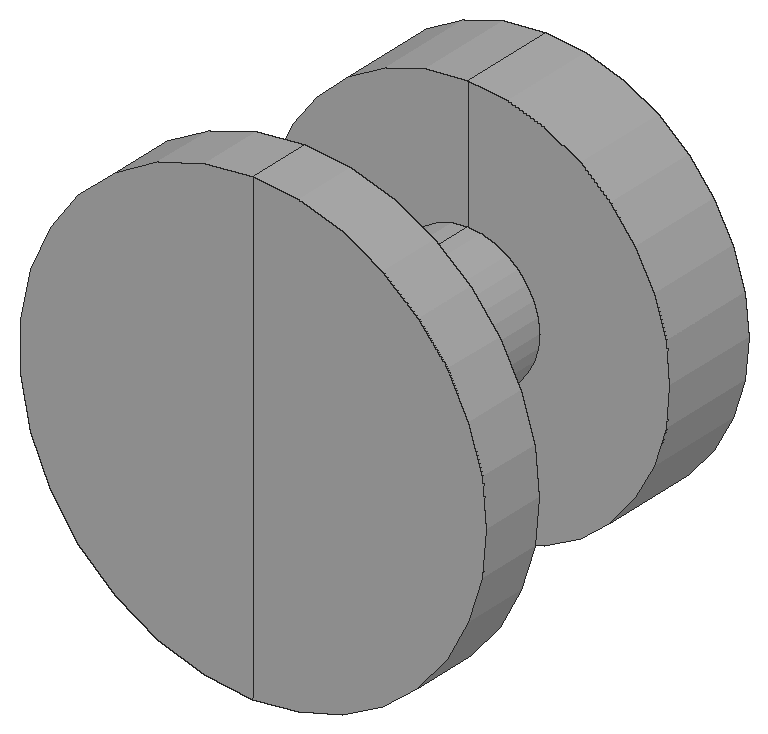
Revit family "Reece_Accessory_Milli_Inox_Robe Hook", category Plumbing Fixtures, Revit 2018
Family settings
  Round Connector Dimension = Use Diameter
  Part Type = Normal
  Work Plane-Based = Yes
  Always vertical = Yes
  Cut with Voids When Loaded = Yes
  Shared = Yes
  Room Calculation Point = Yes
Parameters (values of type "Brushed Stainless Steel")
  URL = "https://www.reece.com.au/product/-2259619"
  Type Comments = "Accessory"
  Reece_Product_Web Page = "https://www.reece.com.au/product/-2259619"
  Reece_Product_Type = "Accessory"  # constant formula
  Reece_Product_Sub Brand = "Inox"  # constant formula
  Reece_Product_Number = "2259619"
  Reece_Product_Mount = "Wall Mounted"
  Reece_Product_Description = "Milli Inox Robe Hook Stainless Steel"
  Reece_Product_Brand = "Milli"  # constant formula
  Reece_Overall_Diameter = 72 mm  # constant formula
  Reece_Material_Main = Reece_Brass_Brushed Stainless Steel
  Reece_Height_From_Level [instance] = 900 mm
  Reece_Detail_Shape = ""
  Reece_Detail_Installation = ""
  Reece_Detail_Disclaimer = "THIS FILE IS THE PROPERTY OF THE REECE GROUP. IT MAY NOT BE REPRODUCED, REVERSE-ENGINEERED OR MODIFIED. ANY REPUBLICATION, TRANSMISSION OR DISTRIBUTION FOR THE PURPOSE OF COMMERCIALLY EXPLOITING THE FILES IS PROHIBITED."  # constant formula
  Reece_Detail_Connector = ""
  Reece_Detail_Additional = ""
  Reece_Accessory_Projection = 56.3 mm  # constant formula
  Model = "Inox"
  Manufacturer = "Milli"
  Keynote = "Product #2259619, Reece_Accessory_Milli_Inox_Robe Hook - Brushed Stainless Steel"
  Disclaimer = "THIS FILE IS THE PROPERTY OF THE REECE GROUP. IT MAY NOT BE REPRODUCED, REVERSE-ENGINEERED OR MODIFIED. ANY REPUBLICATION, TRANSMISSION OR DISTRIBUTION FOR THE PURPOSE OF COMMERCIALLY EXPLOITING THE FILES IS PROHIBITED."  # constant formula
  Description = "Milli Inox Robe Hook Stainless Steel"
  Default Elevation = 0 mm
Types (2, lengths in mm): name | Keynote
  (no name) | "Product #2259619, Reece_Accessory_Milli_Inox_Robe Hook -  "
  Brushed Stainless Steel | "Product #2259619, Reece_Accessory_Milli_Inox_Robe Hook - Brushed Stainless Steel"
Reference planes
  plane 1 "Center (Front/Back)": y = 0
  plane 2 "Bottom Host Plane": z = -5
  plane 3 "Center (Left/Right)": x = 0
  plane 4 "Fixing Point": z = 900
  plane 5: x = -36
  plane 6: x = 36
  plane 7: y = -56.3
Forms (mm)
  Revolve 1, solid, material "Reece_Brass_Brushed Stainless Steel" <- "Reece_Material_Main"
    sketch origin (0, 0, 0) x (0, 1, 0) y (0, 0, 1)
      loop
        line (0, 931.15) -> (-15, 931.15) -> (-15, 911) -> (-46.3, 911) -> (-46.3, 936) -> (-56.3, 936) -> (-56.3, 900) -> (0, 900) -> (0, 931.15)
      axis (0, 900) -> (-56.3, 900)
    angle from 0 to 360
Lines and regions (mm)
  model lines, style "InvisibleLines"
    curve 1: line (0, 0, -5) -> (0, 0, 900)
Text (mm)
  text "Reece ©" at (2668.863, -2343.74, 3004.21), in view "Reece Preview"
  text "Reece Copyright © 2018, Reece Ltd." at (-1682.997, -469.77, -1020.679), in view "Ref. Level"
Dimensions and locks
  locked: plane 2 "Bottom Host Plane" to level at 5
  "Reece_Height_From_Level": plane 4 "Fixing Point" to level
  "Reece_Overall_Diameter": plane 5 to plane 6
  "Reece_Accessory_Projection": plane 1 "Center (Front/Back)" to plane 7
  plane 7 to plane 1 "Center (Front/Back)" = 56.3 mm
  aligned and locked: plane 4 "Fixing Point" to curve 1
Automatic sketch dimensions
  curve 1 to plane 2 "Bottom Host Plane" = 0 mm
  plane 4 "Fixing Point" to Revolve 1 sketch curve = 0 mm  (x2)
  Revolve 1 sketch curve to plane 1 "Center (Front/Back)" = 0 mm  (x2)
  plane 1 "Center (Front/Back)" to Revolve 1 sketch curve = 15 mm
  Revolve 1 sketch curve to plane 4 "Fixing Point" = 11 mm
  Revolve 1 sketch curve to Revolve 1 sketch curve = 31.3 mm
  Revolve 1 sketch curve to Revolve 1 sketch curve = 10 mm
  Revolve 1 sketch curve to Revolve 1 sketch curve = 20.15 mm
  Revolve 1 sketch curve to Revolve 1 sketch curve = 25 mm
  Revolve 1 sketch curve to Revolve 1 sketch curve = 263.7 mm
  curve 1 to plane 3 "Center (Left/Right)" = 0 mm
